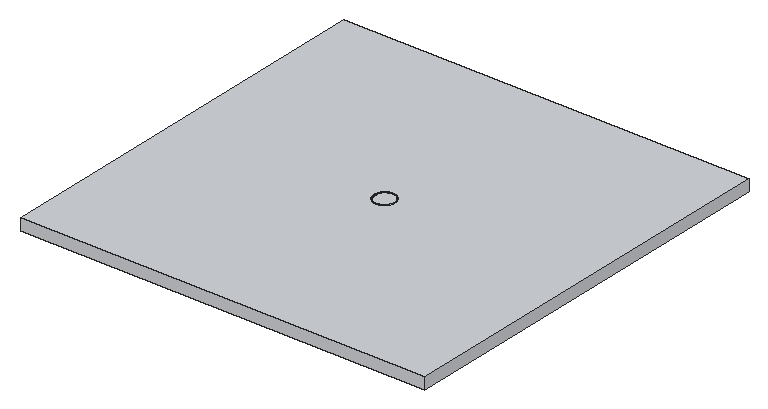
Revit family
Parameters (values of type "5" Strainer - 2" Drain")
  WFU = 0
  URL = "WWW.MIFAB.COM"
  Strainer Radius = Strainer Diameter / 2  # 2.500"
  Strainer Diameter = 5.000"
  Strainer Adjustment [instance] = 1.560"
  Pipe Radius = Pipe Diameter / 2  # 1.000"
  Pipe Diameter = 2.000"
  Model = "F1600-C"
  Manufacturer = "MIFAB"
  Floor Drain Material = Paint - Sherwin Williams Paint - #952C2A - Bellwood Red
  Domestic Cold Water Radius = 0.250"
  Domestic Cold Water Diameter = Domestic Cold Water Radius * 2  # 0.500"
  Description = "ISOLATION FLOOR DRAIN W/ROUND REINFORCED ADJ. STRAINER"
  Default Elevation = 0.000"
  CWFU = 0
  Body Height = 3.375"
Types (21): name | Strainer Radius | Strainer Diameter | Strainer Adjustment | Pipe Radius | Pipe Diameter | Model | Body Height
  (no name) | 2.500" | 5.000" | 1.560" | 1.000" | 2.000" | "F1600-C" | 3.375"
  8" Strainer - 2" Drain | 4.000" | 8.000" | 1.880" | 1.000" | 2.000" | "F1600-C" | 3.375"
  8" Strainer - 3" Drain | 4.000" | 8.000" | 1.880" | 1.500" | 3.000" | "F1600-C" | 3.375"
  8" Strainer - 4" Drain | 4.000" | 8.000" | 1.880" | 2.000" | 4.000" | "F1600-C" | 3.375"
  8" Strainer - 5" Drain | 4.000" | 8.000" | 1.880" | 2.500" | 5.000" | "F1600-C" | 3.375"
  8" Strainer - 6" Drain | 4.000" | 8.000" | 1.880" | 3.000" | 6.000" | "F1600-C" | 4.750"
  7" Strainer - 2" Drain | 3.500" | 7.000" | 1.500" | 1.000" | 2.000" | "F1600-C" | 3.375"
  6" Strainer - 2" Drain | 3.000" | 6.000" | 1.690" | 1.000" | 2.000" | "F1600-C" | 3.375"
  5" Strainer - 2" Drain | 2.500" | 5.000" | 1.560" | 1.000" | 2.000" | "F1600-C" | 3.375"
  5" Strainer - 3" Drain | 2.500" | 5.000" | 1.560" | 1.500" | 3.000" | "F1600-C" | 3.375"
  6" Strainer - 3" Drain | 3.000" | 6.000" | 1.690" | 1.500" | 3.000" | "F1600-C" | 3.375"
  7" Strainer - 3" Drain | 3.500" | 7.000" | 1.500" | 1.500" | 3.000" | "F1600-C" | 3.375"
  7" Strainer - 4" Drain | 3.500" | 7.000" | 1.500" | 2.000" | 4.000" | "F1600-C" | 3.375"
  6" Strainer - 4" Drain | 3.000" | 6.000" | 1.690" | 2.000" | 4.000" | "F1600-C" | 3.375"
  5" Strainer - 4" Drain | 2.500" | 5.000" | 1.560" | 2.000" | 4.000" | "F1600-C" | 3.375"
  7" Strainer - 5" Drain | 3.500" | 7.000" | 1.500" | 2.500" | 5.000" | "F1600-C`" | 3.375"
  6" Strainer - 5" Drain | 3.000" | 6.000" | 1.690" | 2.500" | 5.000" | "F1600-C" | 3.375"
  5" Strainer - 5" Drain | 2.500" | 5.000" | 1.560" | 2.500" | 5.000" | "F1600-C" | 3.375"
  7" Strainer - 6" Drain | 3.500" | 7.000" | 1.500" | 3.000" | 6.000" | "F1600-C" | 4.750"
  6" Strainer - 6" Drain | 3.000" | 6.000" | 1.690" | 3.000" | 6.000" | "F1600-C" | 4.750"
  5" Strainer - 6" Drain | 2.500" | 5.000" | 1.560" | 3.000" | 6.000" | "F1600-C" | 4.750"
Reference planes (in)
  plane 1 "Center (Front/Back)": y = 0
  plane 2: z = 0
  plane 3 "Center (Left/Right)": x = 0
  plane 4: x = -2.5
  plane 5: x = 2.5
  plane 6: z = -1.56
  plane 7: z = -8.56
  plane 8: z = -11.935
  plane 9: z = -4.36
  plane 10: z = -2.96
  plane 11: z = -10.435
  plane 12: x = 1
  plane 13: x = -1
  plane 14: z = -2.31
Forms (in)
  Extrusion 1, solid
    sketch origin (0, 0, 0) x (1, 0, 0) y (0, 1, 0)
      loop
        line (-48, 48) -> (-48, -48) -> (48, -48) -> (48, 48) -> (-48, 48)
    from 0 to -2.69
  Revolve 2, solid, material "Paint - Sherwin Williams Paint - #952C2A - Bellwood Red" <- "Floor Drain Material"
    sketch origin (0, 0, 0) x (1, 0, 0) y (0, 0, 1)
      loop
        line (2.5, 0) -> (2.4, 0) -> (2.4, -0.22031) -> (2.15, -0.22031) -> (2.15, -1.56) -> (3.65, -1.56) -> (3.65, -1.31) -> (2.5, -1.31) -> (2.5, -0.44685) -> (2.25, -0.44685) -> (2.25, -0.32031) -> (2.5, -0.32031) -> (2.5, 0)
      axis (0, 0) -> (0, -1.56)
    angle from 0 to 360
  Revolve 3, solid, material "Paint - Sherwin Williams Paint - #952C2A - Bellwood Red" <- "Floor Drain Material"
    sketch origin (0, 0, 0) x (1, 0, 0) y (0, 0, 1)
      loop
        line (3.65, -1.56) -> (2.15, -1.56) -> (2.15, -1.71) -> (2.5, -1.71) -> (2.5, -2.89787) -> (2, -3.39787) -> (2, -4.36) -> (2.15, -4.36) -> (2.15, -3.46) -> (2.65, -2.96) -> (2.65, -1.71) -> (3.65, -1.71) -> (3.65, -1.56)
      axis (0, -1.56) -> (0, -4.36)
    angle from 0 to 360
  Revolve 4, solid, material "Paint - Sherwin Williams Paint - #952C2A - Bellwood Red" <- "Floor Drain Material"
    sketch origin (0, 0, 0) x (1, 0, 0) y (0, 0, 1)
      loop
        line (2.15, -3.46) -> (2.15, -8.56) -> (3.65, -8.56) -> (3.65, -8.31) -> (2.4, -8.31) -> (2.4, -3.46) -> (2.15, -3.46)
      axis (0, -3.46) -> (0, -8.56)
    angle from 0 to 360
  Revolve 5, solid, material "Paint - Sherwin Williams Paint - #952C2A - Bellwood Red" <- "Floor Drain Material"
    sketch origin (0, 0, 0) x (1, 0, 0) y (0, 0, 1)
      loop
        line (3.65, -8.56) -> (1.3, -8.56) -> (1.3, -10.32287) -> (1, -10.62287) -> (1, -11.935) -> (1.15, -11.935) -> (1.15, -10.685) -> (1.4, -10.435) -> (1.52966, -10.435) -> (1.52966, -8.71) -> (3.65, -8.71) -> (3.65, -8.56)
      axis (0, -8.56) -> (0, -11.935)
    angle from 0 to 360
  Revolve 6, solid, material "Paint - Sherwin Williams Paint - #952C2A - Bellwood Red" <- "Floor Drain Material"
    sketch origin (-1.49902, 0, -0.05) x (1, 0, 0) y (0, 0, 1)
      loop
        line (-2.53125, -2.26) -> (-1.00098, -2.26) -> (-1.00098, -1.97268) -> (-2.24393, -1.97268) -> (-2.28125, -2.01) -> (-2.53125, -2.01) -> (-2.53125, -2.26)
      axis (-2.53125, -2.26) -> (-1.00098, -2.26)
    angle from 0 to 360
  Extrusion 7, solid, material "Paint - Sherwin Williams Paint - #952C2A - Bellwood Red" <- "Floor Drain Material"
    sketch origin (0, 0, 0) x (1, 0, 0) y (0, 1, 0)
      loop
        circle (0, 0) r 2.4
    from -0.22031 to 0
Cuts and joins
  joined: Revolve 3, Revolve 6
Lines and regions (in)
  symbolic lines
    curve 1: circle (0, 0, 0) r 4 normal (0, 0, 1)
Dimensions and locks (in)
  equal spacing: plane 5, plane 3 "Center (Left/Right)", plane 4
  "Strainer Diameter": plane 5 to plane 4
  "Strainer Adjustment": Extrusion 1 to plane 6
  plane 7 to plane 6 = 7.000"
  "Body Height": plane 7 to plane 8
  Revolve 2 sketch curve to Revolve 2 sketch curve to Revolve 2 sketch curve = 0.22031", 0.100"
  Revolve 2 sketch curve to Revolve 2 sketch curve to Revolve 2 sketch curve to Revolve 2 sketch curve = 0.100", 0.150", 0.100"
  Revolve 2 sketch curve to Revolve 2 sketch curve to plane 6 = 0.86315", 0.250"
  plane 5 to Revolve 2 sketch curve = 1.150"
  plane 6 to plane 9 = 2.800"
  equal spacing: plane 6, plane 10, plane 9
  Revolve 3 sketch curve to Revolve 3 sketch curve to Revolve 3 sketch curve to Revolve 3 sketch curve to plane 9 = 0.06213", 0.43787", 0.06213", 0.900"
  Revolve 4 sketch curve to Revolve 4 sketch curve to Revolve 4 sketch curve = 0.250", 1.250"
  plane 11 to plane 8 = 1.500"
  Revolve 5 sketch curve to Revolve 5 sketch curve = 0.150"
  Revolve 5 sketch curve to plane 11 to Revolve 5 sketch curve to Revolve 5 sketch curve = 0.11213", 0.18787", 0.06213"
  "Pipe Radius": Revolve 5 sketch curve to plane 3 "Center (Left/Right)"
  Revolve 5 sketch curve to Revolve 5 sketch curve to Revolve 5 sketch curve to Revolve 5 sketch curve = 0.12966", 0.100", 0.300"
  equal spacing: plane 13, plane 3 "Center (Left/Right)", plane 12
  "Pipe Diameter": plane 13 to plane 12
  locked: plane 6 to plane 14 at 0.75
  Revolve 6 sketch curve to Revolve 6 sketch curve to plane 14 = 0.03732", 0.250"
  plane 4 to Revolve 6 sketch curve to Revolve 6 sketch curve to Revolve 6 sketch curve = 1.24296" locked, 0.03732" locked, 0.250" locked
  angle Revolve 5 sketch curve to Revolve 5 sketch curve = 135.00°  (x2)
  aligned and locked: plane 2 to Extrusion 1
  aligned and locked: level to Extrusion 1
  aligned and locked: plane 5 to Revolve 2 sketch curve
  aligned and locked: Revolve 2 sketch curve to Extrusion 1
  aligned and locked: Revolve 3 sketch curve to plane 9
  aligned and locked: Revolve 4 sketch curve to Revolve 3
  aligned and locked: Revolve 4 sketch curve to plane 7
  aligned and locked: plane 11 to Revolve 5 sketch curve
  aligned and locked: Revolve 4 to Revolve 5 sketch curve
  aligned and locked: plane 14 to Revolve 6 sketch curve
  aligned and locked: Revolve 6 sketch curve to plane 14
  aligned and locked: Extrusion 7 sketch curve to Revolve 2
  aligned and locked: Extrusion 7 to Revolve 2
  aligned and locked: level to Extrusion 7
  aligned and locked: Revolve 6 sketch curve to plane 4
Automatic sketch dimensions
  Extrusion 1 sketch curve to Extrusion 1 sketch curve = 96.000"  (x2)
  Revolve 2 sketch curve to plane 6 = 0.000"
  plane 5 to Revolve 2 sketch curve = 0.000"
  Revolve 3 sketch curve to plane 6 = 0.000"
  plane 5 to Revolve 3 sketch curve = 0.000"
  plane 5 to Revolve 3 sketch curve = 0.350"  (x2)
  Revolve 3 sketch curve to Revolve 3 sketch curve = 0.150"
  Revolve 3 sketch curve to plane 5 = 0.150"
  Revolve 3 sketch curve to Revolve 3 sketch curve = 1.000"
  Revolve 3 sketch curve to plane 6 = 0.150"  (x2)
  plane 7 to Revolve 4 sketch curve = 0.250"
  Revolve 4 sketch curve to plane 3 "Center (Left/Right)" = 0.000"
  Revolve 4 sketch curve to plane 8 = 10.935"
  Revolve 4 sketch curve to plane 6 = 1.900"
  level to Revolve 4 sketch curve = 102.71882"
  Revolve 5 sketch curve to plane 3 "Center (Left/Right)" = 0.000"
  Revolve 5 sketch curve to plane 8 = 0.000"
  Revolve 5 sketch curve to plane 7 = 0.000"
  Revolve 5 sketch curve to plane 8 = 10.935"
  Revolve 5 sketch curve to plane 7 = 0.150"
  level to Revolve 5 sketch curve = 102.71882"
  Revolve 6 sketch curve to Revolve 6 sketch curve = 1.17852"
  plane 5 to Revolve 6 sketch curve = 2.44355"
  plane 1 "Center (Front/Back)" to curve 1 = 0.000"
  curve 1 to plane 3 "Center (Left/Right)" = 0.000"
  radius of curve 1 = 4.000"
Connectors (in)
  piping at (0, 0, -11.935), driven by "Pipe Radius", driven by "WFU"
    settings: on Revolve 5, index 1, connector radius 1", flow factor 0, pipe flow 0 GPM, pressure drop 0.00 psi, fitting loss kfactor 0, connector angle 0.00°, fixture units 0, flow configuration 3, flow direction 2, fitting loss method 0, system type 16, connector reference index -1, connector utility 0, adjustable connector no, is connector primary yes, fitting loss table "", connector description "Sanitary Out"
  piping at (-4.03027, 0, -2.31), driven by "CWFU", driven by "Domestic Cold Water Radius"
    settings: on cut or joined group of Revolve 3, Revolve 6, index 2, connector radius 1/4", flow factor 0, pipe flow 0 GPM, pressure drop 0.00 psi, fitting loss kfactor 0, connector angle 0.00°, fixture units 0, flow configuration 3, flow direction 1, fitting loss method 0, system type 20, connector reference index -1, connector utility 0, adjustable connector no, is connector primary no, fitting loss table "", connector description "Domestic Cold Water In"
